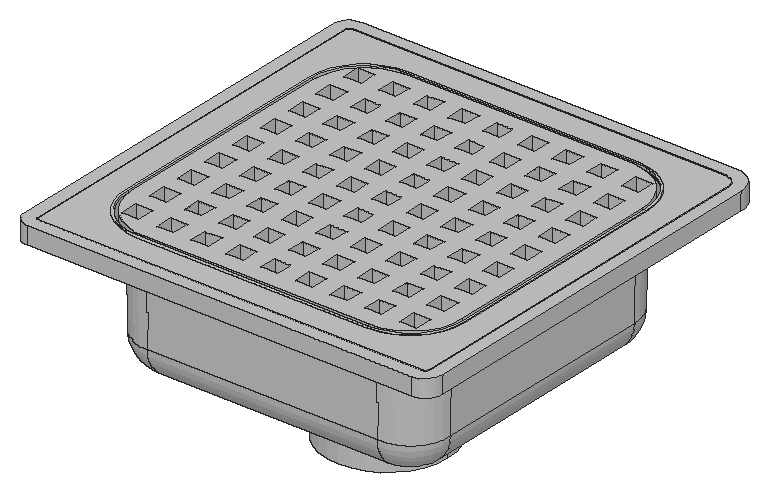
Revit family "Receptor_Sani-Flor_12_In_Square_4_In_Sump-Zurn-Z1749", category Plumbing Fixtures, Revit 2022
Family settings
  Round Connector Dimension = Use Radius
  Part Type = Normal
  OmniClass Number = 23.45.05.14.14
  OmniClass Title = Sinks/Lavatories
  Work Plane-Based = No
  Always vertical = Yes
  Cut with Voids When Loaded = No
  Maintain Annotation Orientation = No
  Shared = No
  Room Calculation Point = No
Parameters (values of type "Load Family Type Catalog")
  Waste Connection = 1 = 1  # yes
  WFU = 1  # constant formula
  Vent Connection = 1 = 0  # no
  URL = "www.zurn.com"
  Type Comments = "Z1749 Sani-Flor Receptor 3 Inch No-Hub Outlet"
  Trap Primer = 1 = 1  # yes
  Thickness = 0.0625"
  Grate Open Area (Sq. In) = "23"
  Product data url = "https://www.bimobject.com/en-in/zurnindustries/product/zurn-z1749"
  Product Page URL = "https://www.zurn.com/products/drainage-interceptors/floor-sinks/z1749"
  Product Documentation Link = "https://files.zurn.com/spec-sheets/z1749.pdf"
  Connector Radius = [A_ Pipe Size (Nominal)] / 2  # 1.500"
  Model = "Z1749-3NH"
  Main Material = Steel - Zurn - Stainless - Type 304
  HWFU = 0  # constant formula
  HW Connection = 1 = 0  # no
  Description = "12 X 12 [305 x 305] SANI-FLOR RECEPTOR 4 [102] SUMP DEPTH"  # constant formula
  CWFU = 0  # constant formula
  CW Connection = 1 = 0  # no
  Assembly Code = "D2030300"
  A_ Pipe Size (Nominal) = 3.000"
  A_ Pipe Size (Actual-Outer) = 3.500"
  A_ Pipe Size (Actual-Inner) = 3.068"
  Modified Date = "12/29/2025"  # constant formula
  Manufacurer Brand = "Zurn"  # constant formula
  Manufacturer = "Zurn Water, LLC"  # constant formula
  E_ Body Length = 6.063"
  Default Elevation = 4.000"  # constant formula
  Date Created = "01/19/2018"  # constant formula
  Approx. Weight (Lbs) = 15.000"
Reference planes (in)
  plane 1 "Center (Front/Back)": y = 0
  plane 2 "Top Level": z = -2.0625
  plane 3 "Center (Left/Right)": x = 0
  plane 4: through (-4.38902, 4.38902, 48) normal (0.7071, 0.7071, 0)
  plane 5: through (4.7432, 4.7432, 48) normal (0.7071, -0.7071, 0)
  plane 6: x = -6
  plane 7: x = 6
  plane 8: x = -5.9375
  plane 9: x = 5.9375
  plane 10: z = -0.5
  plane 11: z = -1.0625
  plane 12: x = -1.75
  plane 13: x = 1.75
  plane 14: x = -1.534
  plane 15: x = 1.534
  plane 16: z = -3.9375
  plane 17: z = -4
  plane 18: z = -6.063
  plane 19: z = -0.0625
  plane 20: y = 0.5
  plane 21: y = 5.5
  plane 22: y = 5
  plane 23: y = 3.75
  plane 24: y = 2
  plane 25: y = 4.375
  plane 26: y = -0.5
  plane 27: y = -3.75
  plane 28: y = -4.375
  plane 29: y = -5.5
  plane 30: y = -5
  plane 31: y = -2
  plane 32: y = 1.75
  plane 33: y = -1.75
  plane 34: y = 6.125
  plane 35: y = -6.125
  plane 36: x = -4.8125
  plane 37: x = 4.8125
  plane 38: x = -4.875
  plane 39: x = 4.875
  plane 40: z = -1.125
  plane 41: x = -4.5
  plane 42: x = 4.5
Forms (in)
  Sweep 1, solid, material "Steel - Zurn - Stainless - Type 304" <- "Main Material", detail levels fine
    path origin (0, 0, 0) x (1, 0, 0) y (0, 1, 0)
      loop
        arc (-3.3125, 4.8125) -> (-4.37316, 4.37316) -> (-4.8125, 3.3125) r 1.5
        line (-4.8125, 3.3125) -> (-4.8125, -3.3125)
        arc (-4.8125, -3.3125) -> (-4.37316, -4.37316) -> (-3.3125, -4.8125) r 1.5
        line (-3.3125, -4.8125) -> (3.3125, -4.8125)
        arc (3.3125, -4.8125) -> (4.37316, -4.37316) -> (4.8125, -3.3125) r 1.5
        line (4.8125, -3.3125) -> (4.8125, 3.3125)
        arc (4.8125, 3.3125) -> (4.37316, 4.37316) -> (3.3125, 4.8125) r 1.5
        line (3.3125, 4.8125) -> (-3.3125, 4.8125)
    profile origin (-4.8125, 0, 0) x (-1, 0, 0) y (0, 0, 1)
      loop
        line (0, -1.0625) -> (-0.35107, -1.0625) -> (-0.38625, -3.07777)
        arc (-0.38625, -3.07777) -> (-0.64782, -3.68659) -> (-1.26111, -3.9375) r 0.875
        line (-1.26111, -3.9375) -> (-1.4625, -3.9375) -> (-1.4625, -4) -> (-1.26111, -4)
        arc (-1.26111, -4) -> (-0.60401, -3.73117) -> (-0.32376, -3.07886) r 0.9375
        line (-0.32376, -3.07886) -> (-0.28965, -1.125) -> (0.0625, -1.125) -> (0.0625, 0) -> (0, 0) -> (0, -1.0625)
  Revolve 2, solid, material "Steel - Zurn - Stainless - Type 304" <- "Main Material", detail levels fine
    sketch origin (0, 0, 0) x (1, 0, 0) y (0, 0, 1)
      loop
        line (-1.75, -3.9375) -> (-1.75, -6.063) -> (-1.534, -6.063) -> (-1.534, -3.9375) -> (-1.75, -3.9375)
      axis (0, -3.9375) -> (0, -6.063)
    angle from 0 to 360
  Extrusion 3, solid, material "Steel - Zurn - Stainless - Type 304" <- "Main Material", detail levels fine
    sketch origin (0, 0, 0) x (1, 0, 0) y (0, 1, 0)
      loop
        circle (0, 0) r 1.75
      loop
        arc (-3.35, -3.1625) -> (-3.29508, -3.29508) -> (-3.1625, -3.35) r 0.1875
        line (-3.1625, -3.35) -> (3.3125, -3.35)
        arc (3.3125, -3.35) -> (3.33902, -3.33902) -> (3.35, -3.3125) r 0.0375
        line (3.35, -3.3125) -> (3.35, 3.3125)
        arc (3.35, 3.3125) -> (3.33902, 3.33902) -> (3.3125, 3.35) r 0.0375
        line (3.3125, 3.35) -> (-3.3125, 3.35)
        arc (-3.3125, 3.35) -> (-3.33902, 3.33902) -> (-3.35, 3.3125) r 0.0375
        line (-3.35, 3.3125) -> (-3.35, -3.1625)
    from -4 to -3.9375
  Sweep 4, solid, material "Steel - Zurn - Stainless - Type 304" <- "Main Material", detail levels fine
    path origin (0, 0, 0) x (1, 0, 0) y (0, 1, 0)
      loop
        arc (-5.5, 6) -> (-5.85355, 5.85355) -> (-6, 5.5) r 0.5
        line (-6, 5.5) -> (-6, -5.56226)
        arc (-6, -5.56226) -> (-5.87179, -5.87179) -> (-5.56226, -6) r 0.43774
        line (-5.56226, -6) -> (5.5, -6)
        arc (5.5, -6) -> (5.85355, -5.85355) -> (6, -5.5) r 0.5
        line (6, -5.5) -> (6, 5.25)
        arc (6, 5.25) -> (5.78033, 5.78033) -> (5.25, 6) r 0.75
        line (5.25, 6) -> (-5.5, 6)
    profile origin (-6, -0.03113, 0) x (-1, 0, 0) y (0, 0, 1)
      loop
        line (-0.375, 0) -> (-0.375, -0.0625) -> (-0.0625, -0.0625) -> (-0.0625, -0.5) -> (0, -0.5) -> (0, 0) -> (-0.375, 0)
  Extrusion 5, solid, material "Steel - Zurn - Stainless - Type 304" <- "Main Material", detail levels fine
    sketch origin (0, 0, 0) x (1, 0, 0) y (0, 1, 0)
      loop
        arc (-5.5, 5.625) -> (-5.58839, 5.58839) -> (-5.625, 5.5) r 0.125
        line (-5.625, 5.5) -> (-5.625, -5.56226)
        arc (-5.625, -5.56226) -> (-5.60663, -5.60663) -> (-5.56226, -5.625) r 0.06274
        line (-5.56226, -5.625) -> (5.5, -5.625)
        arc (5.5, -5.625) -> (5.58839, -5.58839) -> (5.625, -5.5) r 0.125
        line (5.625, -5.5) -> (5.625, 5.25)
        arc (5.625, 5.25) -> (5.51517, 5.51517) -> (5.25, 5.625) r 0.375
        line (5.25, 5.625) -> (-5.5, 5.625)
      loop
        line (-3.3125, -4.8125) -> (3.3125, -4.8125)
        arc (3.3125, -4.8125) -> (4.37316, -4.37316) -> (4.8125, -3.3125) r 1.5
        line (4.8125, -3.3125) -> (4.8125, 3.3125)
        arc (4.8125, 3.3125) -> (4.37316, 4.37316) -> (3.3125, 4.8125) r 1.5
        line (3.3125, 4.8125) -> (-3.3125, 4.8125)
        arc (-3.3125, 4.8125) -> (-4.37316, 4.37316) -> (-4.8125, 3.3125) r 1.5
        line (-4.8125, 3.3125) -> (-4.8125, -3.3125)
        arc (-4.8125, -3.3125) -> (-4.37316, -4.37316) -> (-3.3125, -4.8125) r 1.5
    from -0.0625 to 0
Lines and regions (in)
  Masking region 1, detail levels fine
    outline origin (0, 0, 0) x (1, 0, 0) y (0, 1, 0)
      loop
        line (5.25, 6) -> (-5.5, 6)
        arc (-5.5, 6) -> (-5.85355, 5.85355) -> (-6, 5.5) r 0.5
        line (-6, 5.5) -> (-6, -5.56226)
        arc (-6, -5.56226) -> (-5.87179, -5.87179) -> (-5.56226, -6) r 0.43774
        line (-5.56226, -6) -> (5.5, -6)
        arc (5.5, -6) -> (5.85355, -5.85355) -> (6, -5.5) r 0.5
        line (6, -5.5) -> (6, 5.25)
        arc (6, 5.25) -> (5.78033, 5.78033) -> (5.25, 6) r 0.75
  model lines, detail levels coarse+medium
    curve 1: line (0, 0, 0) -> (0, 0, -6.063)
    curve 2: line (-1.75, 0, -6.063) -> (1.75, 0, -6.063)
    curve 3: line (0, 1.75, -6.063) -> (0, -1.75, -6.063)
    curve 4: line (5.25, 6, 0) -> (-5.5, 6, 0)
    curve 5: line (-6, 5.5, 0) -> (-6, -5.56226, 0)
    curve 6: line (-5.56226, -6, 0) -> (5.5, -6, 0)
    curve 7: line (6, -5.5, 0) -> (6, 5.25, 0)
    curve 8: arc (6, -5.5, 0) -> (5.85355, -5.85355, 0) -> (5.5, -6, 0) r 0.5
    curve 9: arc (-5.56226, -6, 0) -> (-5.87179, -5.87179, 0) -> (-6, -5.56226, 0) r 0.43774
    curve 10: arc (-6, 5.5, 0) -> (-5.85355, 5.85355, 0) -> (-5.5, 6, 0) r 0.5
    curve 11: arc (5.25, 6, 0) -> (5.78033, 5.78033, 0) -> (6, 5.25, 0) r 0.75
    curve 12: line (3.25, 4.73568, 0) -> (-3.236, 4.73568, 0)
    curve 13: line (4.75, -3.236, 0) -> (4.75, 3.23568, 0)
    curve 14: line (-3.236, -4.736, 0) -> (3.25, -4.736, 0)
    curve 15: line (-4.736, 3.23568, 0) -> (-4.736, -3.236, 0)
    curve 16: arc (-3.236, 4.73568, 0) -> (-4.29666, 4.29634, 0) -> (-4.736, 3.23568, 0) r 1.5
    curve 17: arc (-4.736, -3.236, 0) -> (-4.29666, -4.29666, 0) -> (-3.236, -4.736, 0) r 1.5
    curve 18: arc (3.25, -4.736, 0) -> (4.31066, -4.29666, 0) -> (4.75, -3.236, 0) r 1.5
    curve 19: arc (4.75, 3.23568, 0) -> (4.31066, 4.29634, 0) -> (3.25, 4.73568, 0) r 1.5
    curve 20: line (-3.155, 4.73568, 0) -> (-3.155, -4.736, 0)
    curve 21: line (-1.574, 4.73568, 0) -> (-1.574, -4.736, 0)
    curve 22: line (1.588, 4.73568, 0) -> (1.588, -4.736, 0)
    curve 23: line (3.169, 4.73568, 0) -> (3.169, -4.736, 0)
    curve 24: line (0.007, 4.73568, 0) -> (0.007, -4.736, 0)
    curve 25: line (-4.736, 3.15707, 0) -> (4.75, 3.15707, 0)
    curve 26: line (-4.736, 1.57845, 0) -> (4.75, 1.57845, 0)
    curve 27: line (-4.736, -0.00016, 0) -> (4.75, -0.00016, 0)
    curve 28: line (-4.736, -1.57877, 0) -> (4.75, -1.57877, 0)
    curve 29: line (-4.736, -3.15739, 0) -> (4.75, -3.15739, 0)
Dimensions and locks (in)
  locked: plane 3 "Center (Left/Right)" to plane 4
  locked: plane 5 to plane 4
  level to plane 2 "Top Level" = 2.0625"
  equal spacing: plane 12, plane 3 "Center (Left/Right)", plane 13
  "A_ Pipe Size (Actual-Outer)": plane 12 to plane 13
  equal spacing: plane 15, plane 3 "Center (Left/Right)", plane 14
  "A_ Pipe Size (Actual-Inner)": plane 15 to plane 14
  locked: plane 1 "Center (Front/Back)" to plane 20 at 0.5
  locked: plane 21 to plane 1 "Center (Front/Back)" at 5.5
  locked: plane 21 to plane 22 at 0.5
  locked: plane 23 to plane 24 at 1.75
  locked: plane 25 to plane 22 at 0.625
  locked: plane 31 to plane 27 at 1.75
  plane 27 to plane 28 to plane 30 to plane 29 = 0.625" locked, 0.625" locked, 0.500" locked
  locked: plane 29 to plane 1 "Center (Front/Back)" at 5.5
  locked: plane 1 "Center (Front/Back)" to plane 26 at 0.5
  locked: plane 25 to plane 23 at 0.625
  "A_ Pipe Size (Actual-Outer)": plane 32 to plane 33
  equal spacing: plane 32, plane 1 "Center (Front/Back)", plane 33
  locked: plane 34 to plane 35 at 12.25
  equal spacing: plane 34, plane 1 "Center (Front/Back)", plane 35
  "Thickness": plane 8 to plane 6
  "Thickness": plane 7 to plane 9
  locked: plane 7 to plane 6 at 12
  equal spacing: plane 7, plane 3 "Center (Left/Right)", plane 6, locked at 6 each
  locked: plane 37 to plane 36 at 9.625
  equal spacing: plane 37, plane 3 "Center (Left/Right)", plane 36, locked at 4.8125 each
  "Thickness": plane 37 to plane 39
  "Thickness": plane 36 to plane 38
  locked: level to plane 11 at 1.0625
  "Thickness": level to plane 19
  locked: level to plane 10 at 0.5
  "Thickness": plane 11 to plane 40
  locked: plane 41 to plane 36 at 0.3125
  locked: plane 37 to plane 42 at 0.3125
  "E_ Body Length": level to plane 18
  "Thickness": plane 16 to plane 17
  locked: level to plane 17 at 4
  locked: Sweep 1 sketch curve to Sweep 1 sketch curve at 9.625
  equal spacing: Sweep 1 sketch curve, plane 1 "Center (Front/Back)", Sweep 1 sketch curve
  "Thickness": Sweep 1 sketch curve to Sweep 1 sketch curve
  locked: Sweep 1 sketch curve to plane 3 "Center (Left/Right)" at 3.35
  locked: Sweep 4 sketch curve to Sweep 4 sketch curve at 12
  locked: plane 38 to Sweep 4 sketch curve at 0.75
  equal spacing: curve 15, curve 20, curve 21, curve 24, curve 22, curve 23, curve 13, locked at 1.581 each
  equal spacing: curve 12, curve 25, curve 26, curve 27, curve 28, curve 29, curve 14, locked at 1.57861 each
  equal spacing: Sweep 4 sketch curve, plane 1 "Center (Front/Back)", Sweep 4 sketch curve, locked at 6 each
  locked: Sweep 1 sketch curve to plane 38 at 0.35215
  radius of Sweep 1 sketch curve = 0.875"
  radius of Sweep 1 sketch curve = 0.9375"
  radius of Sweep 4 sketch curve = 0.43774"
  locked: plane 16 to Sweep 1 sketch curve (angle 91.00°)
  aligned and locked: plane 12 to curve 2
  aligned and locked: plane 13 to curve 2
  aligned and locked: curve 2 to plane 18
  aligned and locked: level to curve 1
  aligned and locked: plane 18 to curve 1
  aligned and locked: curve 1 to plane 3 "Center (Left/Right)"
  aligned and locked: curve 3 to plane 32
  aligned and locked: plane 33 to curve 3
  aligned and locked: curve 3 to plane 18
  aligned and locked: plane 37 to Sweep 1 sketch curve
  aligned and locked: Sweep 1 sketch curve to plane 40
  aligned and locked: Sweep 1 sketch curve to plane 11
  aligned and locked: profile plane to Sweep 1 sketch curve
  aligned and locked: plane 36 to Sweep 1 sketch curve  (x2)
  aligned and locked: Sweep 1 sketch curve to plane 38
  aligned and locked: plane 17 to Sweep 1 sketch curve
  aligned and locked: Sweep 1 sketch curve to plane 16
  aligned and locked: plane 18 to Revolve 2 sketch curve
  aligned and locked: Revolve 2 sketch curve to plane 16
  aligned and locked: Revolve 2 sketch curve to plane 14
  aligned and locked: Revolve 2 sketch curve to plane 12
  aligned and locked: plane 16 to Revolve 2 sketch curve
  aligned and locked: Revolve 2 sketch curve to plane 3 "Center (Left/Right)"
  aligned and locked: Extrusion 3 sketch curve to Revolve 2
  aligned and locked: Sweep 1 to Extrusion 3 sketch curve
  aligned and locked: Extrusion 3 sketch curve to Sweep 1  (x3)
  aligned and locked: Extrusion 3 to plane 17
  aligned and locked: plane 16 to Extrusion 3
  aligned and locked: Sweep 4 sketch curve to plane 7
  aligned and locked: Sweep 4 sketch curve to plane 19
  aligned and locked: profile plane to Sweep 4 sketch curve
  aligned and locked: Sweep 4 sketch curve to plane 6
  aligned and locked: Sweep 4 sketch curve to plane 10
  aligned and locked: plane 8 to Sweep 4 sketch curve
  aligned and locked: plane 6 to Sweep 4 sketch curve
  aligned and locked: Extrusion 5 sketch curve to Sweep 4  (x4)
  aligned and locked: Extrusion 5 sketch curve to Sweep 1  (x3)
  aligned and locked: Extrusion 5 to plane 19
  aligned and locked: level to Extrusion 5
  aligned and locked: curve 8 to Sweep 4
  aligned and locked: curve 9 to Sweep 4
  aligned and locked: curve 10 to Sweep 4
  aligned and locked: curve 11 to Sweep 4
  aligned and locked: Masking region 1 sketch curve to Sweep 4  (x4)
  aligned and locked: plane 3 "Center (Left/Right)" to nested 1
  aligned and locked: plane 1 "Center (Front/Back)" to nested 1
  aligned and locked: level to nested 1
Automatic sketch dimensions
  Sweep 1 sketch curve to plane 41 = 1.1875"
  Sweep 1 sketch curve to plane 23 = 0.4375"
  Sweep 1 sketch curve to plane 42 = 1.1875"  (x2)
  Revolve 2 sketch curve to plane 18 = 0.000"
  plane 1 "Center (Front/Back)" to Extrusion 3 sketch curve = 0.000"  (x2)
  Extrusion 3 sketch curve to Extrusion 3 sketch curve = 0.1875"
  Sweep 4 sketch curve to plane 21 = 0.000"
  Sweep 4 sketch curve to plane 21 = 0.250"
  Sweep 4 sketch curve to plane 9 = 0.4375"
  plane 27 to Extrusion 5 sketch curve = 0.4375"
Nested families (in)
  nested 1: "Z1749-Grate" at (0, 0, 0), type "Z1749-Grate", detail levels fine
Connectors (in)
  piping at (0, 0, -6.063), diameter 3, driven by "Connector Radius", driven by "Waste Connection"
    settings: on Revolve 2, index 1, connector inside diameter 24", connector length 0.000", flow factor 0, pipe flow 0 GPM, pressure drop 0.00 psi, fitting loss kfactor 0, connector angle 0.00°, fixture units 0, engagement length 0.000", angle of deflection 0.00°, flow configuration 0, flow direction 2, fitting loss method 0, system type 16, joint type 0, gender type 0, connector reference index -1, connector utility 1, adjustable connector no, is connector primary yes, connector description "Sanitary Outlet"
Definition of nested family "Z1749-Grate"
  Parameters (values of type "Z1749-Grate")
    Width = 12.000"
    Waste Connection = 1 = 1  # yes
    WFU = 0  # constant formula
    Vent Connection = 1 = 0  # no
    URL = "www.zurn.com"
    Type Comments = "Z1752 Sani-Flor Receptor - 2 Inch No-Hub Outlet"
    Sink Sump Depth = 10.000"
    Product data url = "https://www.bimobject.com/en/zurnindustries/product/zurn-z1752"
    Product Page URL = "https://www.zurn.com/products/drainage-interceptors/floor-sinks/z1752"
    Product Documentation Link = "https://files.zurn.com/spec-sheets/z1752.pdf"
    Outlet Inner Radius = [Actual Pipe Size Outer Diameter (A)] / 2  # 1.1875"
    Outlet Connection = [Nominal Pipe Size (A)] / 2  # 1.000"
    Nominal Pipe Size (A) = 2.000"
    Model = "Z1752"  # constant formula
    Main Material = none
    HWFU = 0  # constant formula
    HW Connection = 1 = 0  # no
    Description = "12 X 12 [305 X 305] SANI-FLOR RECEPTOR 10 [254] SUMP DEPTH"  # constant formula
    CWFU = 0  # constant formula
    CW Connection = 1 = 0  # no
    Body Height (E) = 12.063"
    Assembly Code = "D2030300"
    Actual Pipe Size Outer Diameter (A) = 2.375"
    Modified Date = "09/23/25"  # constant formula
    Manufacurer Brand = "Zurn"  # constant formula
    Manufacturer = "Zurn Water, LLC"  # constant formula
    Default Elevation = 2.000"  # constant formula
    Date Created = "07/03/18"  # constant formula
    Approx. Weight (Lbs) = 22.000"
  Reference planes (in)
    plane 1 "Center (Front/Back)": y = 0
    plane 2: z = 0
    plane 3 "Center (Left/Right)": x = 0
    plane 4: x = -4.75
    plane 5: x = 4.75
    plane 6: y = 6
    plane 7: y = -6
    plane 8: x = -6
    plane 9: x = 6
    plane 10: z = -12.063
    plane 11: x = -4.28125
    plane 12: x = 4.28125
    plane 13: z = -0.063
    plane 14: x = 4.53125
    plane 15: z = -10
    plane 16: z = -5.688
    plane 17: z = -5.968
    plane 18: z = -5.593
    plane 19: z = -2.75
    plane 20: z = -2.7
    plane 21: y = 4.73568
    plane 22: y = -4.736
    plane 23: x = 4.38654
    plane 24: y = 4.86068
    plane 25: x = 4.736
    plane 26: x = -4.736
    plane 27: x = -3.236
    plane 28: x = 3.25
    plane 29: y = -3.236
    plane 30: y = 3.23568
    plane 31: y = 3.29634
    plane 32: y = 2.79634
    plane 33: y = 2.29634
    plane 34: y = 1.79634
    plane 35: x = -3.78125
    plane 36: y = 0.29634
    plane 37: y = -0.20366
    plane 38: y = -0.70366
    plane 39: y = -1.20366
    plane 40: x = -3.78125
    plane 41: y = -2.70366
    plane 42: y = -3.20366
    plane 43: y = -3.70366
    plane 44: y = -4.20366
    plane 45: x = -3.78125
    plane 46 "Plane for Outlets": z = -9.999
    plane 47: y = 3.29634
    plane 48: y = 2.79634
    plane 49: y = 2.29634
    plane 50: y = 1.79634
    plane 51: x = -3.78125
    plane 52: y = 3.29634
    plane 53: y = 2.79634
    plane 54: y = 2.29634
    plane 55: y = 1.79634
    plane 56: x = -2.78125
    plane 57: y = 0.29634
    plane 58: y = -0.20366
    plane 59: y = -0.70366
    plane 60: y = -1.20366
    plane 61: x = -2.78125
    plane 62: y = -2.70366
    plane 63: y = -3.20366
    plane 64: y = -3.70366
    plane 65: y = -4.20366
    plane 66: x = -2.78125
    plane 67: y = 3.29634
    plane 68: y = 2.79634
    plane 69: y = 2.29634
    plane 70: y = 1.79634
    plane 71: x = -1.78125
    plane 72: y = 0.29634
    plane 73: y = -0.20366
    plane 74: y = -0.70366
    plane 75: y = -1.20366
    plane 76: x = -1.78125
    plane 77: y = -2.70366
    plane 78: y = -3.20366
    plane 79: y = -3.70366
    plane 80: y = -4.20366
    plane 81: x = -1.78125
    plane 82: y = 3.29634
    plane 83: y = 2.79634
    plane 84: y = 2.29634
    plane 85: y = 1.79634
    plane 86: x = -0.78125
    plane 87: y = 0.29634
    plane 88: y = -0.20366
    plane 89: y = -0.70366
    plane 90: y = -1.20366
    plane 91: x = -0.78125
    plane 92: y = -2.70366
    plane 93: y = -3.20366
    plane 94: y = -3.70366
    plane 95: y = -4.20366
    plane 96: x = -0.78125
    plane 97: y = 3.29634
    plane 98: y = 2.79634
    plane 99: y = 2.29634
    plane 100: y = 1.79634
    plane 101: x = 0.21875
    plane 102: y = 0.29634
    plane 103: y = -0.20366
    plane 104: y = -0.70366
    plane 105: y = -1.20366
    plane 106: x = 0.21875
    plane 107: y = -2.70366
    plane 108: y = -3.20366
    plane 109: y = -3.70366
    plane 110: y = -4.20366
    plane 111: x = 0.21875
    plane 112: y = 3.29634
    plane 113: y = 2.79634
    plane 114: y = 2.29634
    plane 115: y = 1.79634
    plane 116: x = 1.21875
    plane 117: y = 0.29634
    plane 118: y = -0.20366
    plane 119: y = -0.70366
    plane 120: y = -1.20366
    plane 121: x = 1.21875
    plane 122: y = -2.70366
    plane 123: y = -3.20366
    plane 124: y = -3.70366
    plane 125: y = -4.20366
    plane 126: x = 1.21875
    plane 127: y = 3.29634
    plane 128: y = 2.79634
    plane 129: y = 2.29634
    plane 130: y = 1.79634
    plane 131: x = 2.21875
    plane 132: y = 0.29634
    plane 133: y = -0.20366
    plane 134: y = -0.70366
    plane 135: y = -1.20366
    plane 136: x = 2.21875
    plane 137: y = -2.70366
    plane 138: y = -3.20366
    plane 139: y = -3.70366
    plane 140: y = -4.20366
    plane 141: x = 2.21875
    plane 142: y = 3.29634
    plane 143: y = 2.79634
    plane 144: y = 2.29634
    plane 145: y = 1.79634
    plane 146: x = 3.21875
    plane 147: y = 0.29634
    plane 148: y = -0.20366
    plane 149: y = -0.70366
    plane 150: y = -1.20366
    plane 151: x = 3.21875
    plane 152: y = -2.70366
    plane 153: y = -3.20366
    plane 154: y = -3.70366
    plane 155: y = -4.20366
    plane 156: x = 3.21875
    plane 157: y = 3.29634
    plane 158: y = 2.79634
    plane 159: y = 2.29634
    plane 160: y = 1.79634
    plane 161: x = 4.21875
    plane 162: y = 0.29634
    plane 163: y = -0.20366
    plane 164: y = -0.70366
    plane 165: y = -1.20366
    plane 166: x = 4.21875
    plane 167: y = -2.70366
    plane 168: y = -3.20366
    plane 169: y = -3.70366
    plane 170: y = -4.20366
    plane 171: x = 4.21875
    plane 172: x = -4.03125
    plane 173: x = -3.03125
    plane 174: x = -2.03125
    plane 175: x = -1.03125
    plane 176: x = 0.96875
    plane 177: x = 1.96073
    plane 178: x = 2.96875
    plane 179: x = 3.96875
    plane 180: y = 4.04634
    plane 181: y = 3.04634
    plane 182: y = 2.04634
    plane 183: y = 1.04634
    plane 184: y = 0.04634
    plane 185: y = -0.95366
    plane 186: y = -1.95366
    plane 187: y = -2.95366
    plane 188: y = -3.95366
    plane 189: y = 1.00283
    plane 190: y = -1.00112
    plane 191: x = 1.1875
    plane 192: x = -1.1875
    plane 193: y = 1.1875
    plane 194: y = -1.1875
  Forms (in)
    Extrusion 1, solid, material <- "Main Material"
      sketch origin (0, 0, 0) x (1, 0, 0) y (0, 1, 0)
        loop
          line (3.25, 4.73568) -> (-3.236, 4.73568)
          arc (-3.236, 4.73568) -> (-4.29666, 4.29634) -> (-4.736, 3.23568) r 1.5
          line (-4.736, 3.23568) -> (-4.736, -3.236)
          arc (-4.736, -3.236) -> (-4.29666, -4.29666) -> (-3.236, -4.736) r 1.5
          line (-3.236, -4.736) -> (3.25, -4.736)
          arc (3.25, -4.736) -> (4.31066, -4.29666) -> (4.75, -3.236) r 1.5
          line (4.75, -3.236) -> (4.75, 3.23568)
          arc (4.75, 3.23568) -> (4.31066, 4.29634) -> (3.25, 4.73568) r 1.5
      from 0 to -1.062
    Extrusion 2, void
      sketch origin (0, 0, 0) x (1, 0, 0) y (0, 1, 0)
        loop
          line (-4.28125, 4.29634) -> (-4.28125, 3.79634) -> (-3.78125, 3.79634) -> (-3.78125, 4.29634) -> (-4.28125, 4.29634)
        loop
          line (-4.28125, 3.29634) -> (-4.28125, 2.79634) -> (-3.78125, 2.79634) -> (-3.78125, 3.29634) -> (-4.28125, 3.29634)
        loop
          line (-4.28125, 2.29634) -> (-4.28125, 1.79634) -> (-3.78125, 1.79634) -> (-3.78125, 2.29634) -> (-4.28125, 2.29634)
      from 0 to -1.062
    Extrusion 3, void
      sketch origin (0, -3, 0) x (1, 0, 0) y (0, 1, 0)
        loop
          line (-4.28125, 4.29634) -> (-4.28125, 3.79634) -> (-3.78125, 3.79634) -> (-3.78125, 4.29634) -> (-4.28125, 4.29634)
        loop
          line (-4.28125, 3.29634) -> (-4.28125, 2.79634) -> (-3.78125, 2.79634) -> (-3.78125, 3.29634) -> (-4.28125, 3.29634)
        loop
          line (-4.28125, 2.29634) -> (-4.28125, 1.79634) -> (-3.78125, 1.79634) -> (-3.78125, 2.29634) -> (-4.28125, 2.29634)
      from 0 to -1.062
    Extrusion 4, void
      sketch origin (0, -6, 0) x (1, 0, 0) y (0, 1, 0)
        loop
          line (-4.28125, 4.29634) -> (-4.28125, 3.79634) -> (-3.78125, 3.79634) -> (-3.78125, 4.29634) -> (-4.28125, 4.29634)
        loop
          line (-4.28125, 3.29634) -> (-4.28125, 2.79634) -> (-3.78125, 2.79634) -> (-3.78125, 3.29634) -> (-4.28125, 3.29634)
        loop
          line (-4.28125, 2.29634) -> (-4.28125, 1.79634) -> (-3.78125, 1.79634) -> (-3.78125, 2.29634) -> (-4.28125, 2.29634)
      from 0 to -1.062
    Extrusion 5, void, not visible
      sketch origin (0, 0, 0) x (1, 0, 0) y (0, 1, 0)
        loop
          line (-4.28125, 4.29634) -> (-4.28125, 3.79634) -> (-3.78125, 3.79634) -> (-3.78125, 4.29634) -> (-4.28125, 4.29634)
        loop
          line (-4.28125, 3.29634) -> (-4.28125, 2.79634) -> (-3.78125, 2.79634) -> (-3.78125, 3.29634) -> (-4.28125, 3.29634)
        loop
          line (-4.28125, 2.29634) -> (-4.28125, 1.79634) -> (-3.78125, 1.79634) -> (-3.78125, 2.29634) -> (-4.28125, 2.29634)
      from 0 to -1.062
    Extrusion 6, void
      sketch origin (1, 0, 0) x (1, 0, 0) y (0, 1, 0)
        loop
          line (-4.28125, 4.29634) -> (-4.28125, 3.79634) -> (-3.78125, 3.79634) -> (-3.78125, 4.29634) -> (-4.28125, 4.29634)
        loop
          line (-4.28125, 3.29634) -> (-4.28125, 2.79634) -> (-3.78125, 2.79634) -> (-3.78125, 3.29634) -> (-4.28125, 3.29634)
        loop
          line (-4.28125, 2.29634) -> (-4.28125, 1.79634) -> (-3.78125, 1.79634) -> (-3.78125, 2.29634) -> (-4.28125, 2.29634)
      from 0 to -1.062
    Extrusion 7, void
      sketch origin (1, -3, 0) x (1, 0, 0) y (0, 1, 0)
        loop
          line (-4.28125, 4.29634) -> (-4.28125, 3.79634) -> (-3.78125, 3.79634) -> (-3.78125, 4.29634) -> (-4.28125, 4.29634)
        loop
          line (-4.28125, 3.29634) -> (-4.28125, 2.79634) -> (-3.78125, 2.79634) -> (-3.78125, 3.29634) -> (-4.28125, 3.29634)
        loop
          line (-4.28125, 2.29634) -> (-4.28125, 1.79634) -> (-3.78125, 1.79634) -> (-3.78125, 2.29634) -> (-4.28125, 2.29634)
      from 0 to -1.062
    Extrusion 8, void
      sketch origin (1, -6, 0) x (1, 0, 0) y (0, 1, 0)
        loop
          line (-4.28125, 4.29634) -> (-4.28125, 3.79634) -> (-3.78125, 3.79634) -> (-3.78125, 4.29634) -> (-4.28125, 4.29634)
        loop
          line (-4.28125, 3.29634) -> (-4.28125, 2.79634) -> (-3.78125, 2.79634) -> (-3.78125, 3.29634) -> (-4.28125, 3.29634)
        loop
          line (-4.28125, 2.29634) -> (-4.28125, 1.79634) -> (-3.78125, 1.79634) -> (-3.78125, 2.29634) -> (-4.28125, 2.29634)
      from 0 to -1.062
    Extrusion 9, void
      sketch origin (2, 0, 0) x (1, 0, 0) y (0, 1, 0)
        loop
          line (-4.28125, 4.29634) -> (-4.28125, 3.79634) -> (-3.78125, 3.79634) -> (-3.78125, 4.29634) -> (-4.28125, 4.29634)
        loop
          line (-4.28125, 3.29634) -> (-4.28125, 2.79634) -> (-3.78125, 2.79634) -> (-3.78125, 3.29634) -> (-4.28125, 3.29634)
        loop
          line (-4.28125, 2.29634) -> (-4.28125, 1.79634) -> (-3.78125, 1.79634) -> (-3.78125, 2.29634) -> (-4.28125, 2.29634)
      from 0 to -1.062
    Extrusion 10, void
      sketch origin (2, -3, 0) x (1, 0, 0) y (0, 1, 0)
        loop
          line (-4.28125, 4.29634) -> (-4.28125, 3.79634) -> (-3.78125, 3.79634) -> (-3.78125, 4.29634) -> (-4.28125, 4.29634)
        loop
          line (-4.28125, 3.29634) -> (-4.28125, 2.79634) -> (-3.78125, 2.79634) -> (-3.78125, 3.29634) -> (-4.28125, 3.29634)
        loop
          line (-4.28125, 2.29634) -> (-4.28125, 1.79634) -> (-3.78125, 1.79634) -> (-3.78125, 2.29634) -> (-4.28125, 2.29634)
      from 0 to -1.062
    Extrusion 11, void
      sketch origin (2, -6, 0) x (1, 0, 0) y (0, 1, 0)
        loop
          line (-4.28125, 4.29634) -> (-4.28125, 3.79634) -> (-3.78125, 3.79634) -> (-3.78125, 4.29634) -> (-4.28125, 4.29634)
        loop
          line (-4.28125, 3.29634) -> (-4.28125, 2.79634) -> (-3.78125, 2.79634) -> (-3.78125, 3.29634) -> (-4.28125, 3.29634)
        loop
          line (-4.28125, 2.29634) -> (-4.28125, 1.79634) -> (-3.78125, 1.79634) -> (-3.78125, 2.29634) -> (-4.28125, 2.29634)
      from 0 to -1.062
    Extrusion 12, void
      sketch origin (3, 0, 0) x (1, 0, 0) y (0, 1, 0)
        loop
          line (-4.28125, 4.29634) -> (-4.28125, 3.79634) -> (-3.78125, 3.79634) -> (-3.78125, 4.29634) -> (-4.28125, 4.29634)
        loop
          line (-4.28125, 3.29634) -> (-4.28125, 2.79634) -> (-3.78125, 2.79634) -> (-3.78125, 3.29634) -> (-4.28125, 3.29634)
        loop
          line (-4.28125, 2.29634) -> (-4.28125, 1.79634) -> (-3.78125, 1.79634) -> (-3.78125, 2.29634) -> (-4.28125, 2.29634)
      from 0 to -1.062
    Extrusion 13, void
      sketch origin (3, -3, 0) x (1, 0, 0) y (0, 1, 0)
        loop
          line (-4.28125, 4.29634) -> (-4.28125, 3.79634) -> (-3.78125, 3.79634) -> (-3.78125, 4.29634) -> (-4.28125, 4.29634)
        loop
          line (-4.28125, 3.29634) -> (-4.28125, 2.79634) -> (-3.78125, 2.79634) -> (-3.78125, 3.29634) -> (-4.28125, 3.29634)
        loop
          line (-4.28125, 2.29634) -> (-4.28125, 1.79634) -> (-3.78125, 1.79634) -> (-3.78125, 2.29634) -> (-4.28125, 2.29634)
      from 0 to -1.062
    Extrusion 14, void
      sketch origin (3, -6, 0) x (1, 0, 0) y (0, 1, 0)
        loop
          line (-4.28125, 4.29634) -> (-4.28125, 3.79634) -> (-3.78125, 3.79634) -> (-3.78125, 4.29634) -> (-4.28125, 4.29634)
        loop
          line (-4.28125, 3.29634) -> (-4.28125, 2.79634) -> (-3.78125, 2.79634) -> (-3.78125, 3.29634) -> (-4.28125, 3.29634)
        loop
          line (-4.28125, 2.29634) -> (-4.28125, 1.79634) -> (-3.78125, 1.79634) -> (-3.78125, 2.29634) -> (-4.28125, 2.29634)
      from 0 to -1.062
    Extrusion 15, void
      sketch origin (4, 0, 0) x (1, 0, 0) y (0, 1, 0)
        loop
          line (-4.28125, 4.29634) -> (-4.28125, 3.79634) -> (-3.78125, 3.79634) -> (-3.78125, 4.29634) -> (-4.28125, 4.29634)
        loop
          line (-4.28125, 3.29634) -> (-4.28125, 2.79634) -> (-3.78125, 2.79634) -> (-3.78125, 3.29634) -> (-4.28125, 3.29634)
        loop
          line (-4.28125, 2.29634) -> (-4.28125, 1.79634) -> (-3.78125, 1.79634) -> (-3.78125, 2.29634) -> (-4.28125, 2.29634)
      from 0 to -1.062
    Extrusion 16, void
      sketch origin (4, -3, 0) x (1, 0, 0) y (0, 1, 0)
        loop
          line (-4.28125, 4.29634) -> (-4.28125, 3.79634) -> (-3.78125, 3.79634) -> (-3.78125, 4.29634) -> (-4.28125, 4.29634)
        loop
          line (-4.28125, 3.29634) -> (-4.28125, 2.79634) -> (-3.78125, 2.79634) -> (-3.78125, 3.29634) -> (-4.28125, 3.29634)
        loop
          line (-4.28125, 2.29634) -> (-4.28125, 1.79634) -> (-3.78125, 1.79634) -> (-3.78125, 2.29634) -> (-4.28125, 2.29634)
      from 0 to -1.062
    Extrusion 17, void
      sketch origin (4, -6, 0) x (1, 0, 0) y (0, 1, 0)
        loop
          line (-4.28125, 4.29634) -> (-4.28125, 3.79634) -> (-3.78125, 3.79634) -> (-3.78125, 4.29634) -> (-4.28125, 4.29634)
        loop
          line (-4.28125, 3.29634) -> (-4.28125, 2.79634) -> (-3.78125, 2.79634) -> (-3.78125, 3.29634) -> (-4.28125, 3.29634)
        loop
          line (-4.28125, 2.29634) -> (-4.28125, 1.79634) -> (-3.78125, 1.79634) -> (-3.78125, 2.29634) -> (-4.28125, 2.29634)
      from 0 to -1.062
    Extrusion 18, void
      sketch origin (5, 0, 0) x (1, 0, 0) y (0, 1, 0)
        loop
          line (-4.28125, 4.29634) -> (-4.28125, 3.79634) -> (-3.78125, 3.79634) -> (-3.78125, 4.29634) -> (-4.28125, 4.29634)
        loop
          line (-4.28125, 3.29634) -> (-4.28125, 2.79634) -> (-3.78125, 2.79634) -> (-3.78125, 3.29634) -> (-4.28125, 3.29634)
        loop
          line (-4.28125, 2.29634) -> (-4.28125, 1.79634) -> (-3.78125, 1.79634) -> (-3.78125, 2.29634) -> (-4.28125, 2.29634)
      from 0 to -1.062
    Extrusion 19, void
      sketch origin (5, -3, 0) x (1, 0, 0) y (0, 1, 0)
        loop
          line (-4.28125, 4.29634) -> (-4.28125, 3.79634) -> (-3.78125, 3.79634) -> (-3.78125, 4.29634) -> (-4.28125, 4.29634)
        loop
          line (-4.28125, 3.29634) -> (-4.28125, 2.79634) -> (-3.78125, 2.79634) -> (-3.78125, 3.29634) -> (-4.28125, 3.29634)
        loop
          line (-4.28125, 2.29634) -> (-4.28125, 1.79634) -> (-3.78125, 1.79634) -> (-3.78125, 2.29634) -> (-4.28125, 2.29634)
      from 0 to -1.062
    Extrusion 20, void
      sketch origin (5, -6, 0) x (1, 0, 0) y (0, 1, 0)
        loop
          line (-4.28125, 4.29634) -> (-4.28125, 3.79634) -> (-3.78125, 3.79634) -> (-3.78125, 4.29634) -> (-4.28125, 4.29634)
        loop
          line (-4.28125, 3.29634) -> (-4.28125, 2.79634) -> (-3.78125, 2.79634) -> (-3.78125, 3.29634) -> (-4.28125, 3.29634)
        loop
          line (-4.28125, 2.29634) -> (-4.28125, 1.79634) -> (-3.78125, 1.79634) -> (-3.78125, 2.29634) -> (-4.28125, 2.29634)
      from 0 to -1.062
    Extrusion 21, void
      sketch origin (6, 0, 0) x (1, 0, 0) y (0, 1, 0)
        loop
          line (-4.28125, 4.29634) -> (-4.28125, 3.79634) -> (-3.78125, 3.79634) -> (-3.78125, 4.29634) -> (-4.28125, 4.29634)
        loop
          line (-4.28125, 3.29634) -> (-4.28125, 2.79634) -> (-3.78125, 2.79634) -> (-3.78125, 3.29634) -> (-4.28125, 3.29634)
        loop
          line (-4.28125, 2.29634) -> (-4.28125, 1.79634) -> (-3.78125, 1.79634) -> (-3.78125, 2.29634) -> (-4.28125, 2.29634)
      from 0 to -1.062
    Extrusion 22, void
      sketch origin (6, -3, 0) x (1, 0, 0) y (0, 1, 0)
        loop
          line (-4.28125, 4.29634) -> (-4.28125, 3.79634) -> (-3.78125, 3.79634) -> (-3.78125, 4.29634) -> (-4.28125, 4.29634)
        loop
          line (-4.28125, 3.29634) -> (-4.28125, 2.79634) -> (-3.78125, 2.79634) -> (-3.78125, 3.29634) -> (-4.28125, 3.29634)
        loop
          line (-4.28125, 2.29634) -> (-4.28125, 1.79634) -> (-3.78125, 1.79634) -> (-3.78125, 2.29634) -> (-4.28125, 2.29634)
      from 0 to -1.062
    Extrusion 23, void
      sketch origin (6, -6, 0) x (1, 0, 0) y (0, 1, 0)
        loop
          line (-4.28125, 4.29634) -> (-4.28125, 3.79634) -> (-3.78125, 3.79634) -> (-3.78125, 4.29634) -> (-4.28125, 4.29634)
        loop
          line (-4.28125, 3.29634) -> (-4.28125, 2.79634) -> (-3.78125, 2.79634) -> (-3.78125, 3.29634) -> (-4.28125, 3.29634)
        loop
          line (-4.28125, 2.29634) -> (-4.28125, 1.79634) -> (-3.78125, 1.79634) -> (-3.78125, 2.29634) -> (-4.28125, 2.29634)
      from 0 to -1.062
    Extrusion 24, void
      sketch origin (7, 0, 0) x (1, 0, 0) y (0, 1, 0)
        loop
          line (-4.28125, 4.29634) -> (-4.28125, 3.79634) -> (-3.78125, 3.79634) -> (-3.78125, 4.29634) -> (-4.28125, 4.29634)
        loop
          line (-4.28125, 3.29634) -> (-4.28125, 2.79634) -> (-3.78125, 2.79634) -> (-3.78125, 3.29634) -> (-4.28125, 3.29634)
        loop
          line (-4.28125, 2.29634) -> (-4.28125, 1.79634) -> (-3.78125, 1.79634) -> (-3.78125, 2.29634) -> (-4.28125, 2.29634)
      from 0 to -1.062
    Extrusion 25, void
      sketch origin (7, -3, 0) x (1, 0, 0) y (0, 1, 0)
        loop
          line (-4.28125, 4.29634) -> (-4.28125, 3.79634) -> (-3.78125, 3.79634) -> (-3.78125, 4.29634) -> (-4.28125, 4.29634)
        loop
          line (-4.28125, 3.29634) -> (-4.28125, 2.79634) -> (-3.78125, 2.79634) -> (-3.78125, 3.29634) -> (-4.28125, 3.29634)
        loop
          line (-4.28125, 2.29634) -> (-4.28125, 1.79634) -> (-3.78125, 1.79634) -> (-3.78125, 2.29634) -> (-4.28125, 2.29634)
      from 0 to -1.062
    Extrusion 26, void
      sketch origin (7, -6, 0) x (1, 0, 0) y (0, 1, 0)
        loop
          line (-4.28125, 4.29634) -> (-4.28125, 3.79634) -> (-3.78125, 3.79634) -> (-3.78125, 4.29634) -> (-4.28125, 4.29634)
        loop
          line (-4.28125, 3.29634) -> (-4.28125, 2.79634) -> (-3.78125, 2.79634) -> (-3.78125, 3.29634) -> (-4.28125, 3.29634)
        loop
          line (-4.28125, 2.29634) -> (-4.28125, 1.79634) -> (-3.78125, 1.79634) -> (-3.78125, 2.29634) -> (-4.28125, 2.29634)
      from 0 to -1.062
    Extrusion 27, void
      sketch origin (8, 0, 0) x (1, 0, 0) y (0, 1, 0)
        loop
          line (-4.28125, 4.29634) -> (-4.28125, 3.79634) -> (-3.78125, 3.79634) -> (-3.78125, 4.29634) -> (-4.28125, 4.29634)
        loop
          line (-4.28125, 3.29634) -> (-4.28125, 2.79634) -> (-3.78125, 2.79634) -> (-3.78125, 3.29634) -> (-4.28125, 3.29634)
        loop
          line (-4.28125, 2.29634) -> (-4.28125, 1.79634) -> (-3.78125, 1.79634) -> (-3.78125, 2.29634) -> (-4.28125, 2.29634)
      from 0 to -1.062
    Extrusion 28, void
      sketch origin (8, -3, 0) x (1, 0, 0) y (0, 1, 0)
        loop
          line (-4.28125, 4.29634) -> (-4.28125, 3.79634) -> (-3.78125, 3.79634) -> (-3.78125, 4.29634) -> (-4.28125, 4.29634)
        loop
          line (-4.28125, 3.29634) -> (-4.28125, 2.79634) -> (-3.78125, 2.79634) -> (-3.78125, 3.29634) -> (-4.28125, 3.29634)
        loop
          line (-4.28125, 2.29634) -> (-4.28125, 1.79634) -> (-3.78125, 1.79634) -> (-3.78125, 2.29634) -> (-4.28125, 2.29634)
      from 0 to -1.062
    Extrusion 29, void
      sketch origin (8, -6, 0) x (1, 0, 0) y (0, 1, 0)
        loop
          line (-4.28125, 4.29634) -> (-4.28125, 3.79634) -> (-3.78125, 3.79634) -> (-3.78125, 4.29634) -> (-4.28125, 4.29634)
        loop
          line (-4.28125, 3.29634) -> (-4.28125, 2.79634) -> (-3.78125, 2.79634) -> (-3.78125, 3.29634) -> (-4.28125, 3.29634)
        loop
          line (-4.28125, 2.29634) -> (-4.28125, 1.79634) -> (-3.78125, 1.79634) -> (-3.78125, 2.29634) -> (-4.28125, 2.29634)
      from 0 to -1.062
  Cuts and joins
    Extrusion 2, Extrusion 3, Extrusion 4, Extrusion 6, Extrusion 7, Extrusion 8, Extrusion 9, Extrusion 10, Extrusion 11, Extrusion 12, Extrusion 13, Extrusion 14, Extrusion 15, Extrusion 16, Extrusion 17, Extrusion 18, Extrusion 19, Extrusion 20, Extrusion 21, Extrusion 22, Extrusion 23, Extrusion 24, Extrusion 25, Extrusion 26, Extrusion 27, Extrusion 28, Extrusion 29 cuts Extrusion 1
  Lines and regions (in)
    symbolic lines, detail levels coarse+medium
      curve 1: line (-6, 0, 0) -> (6, 0, 0)
      curve 2: line (0, 0, 0) -> (0, 0, -12.063)
      curve 3: line (-1.1875, 0, -12.063) -> (1.1875, 0, -12.063)
      curve 4: line (0, 6, 0) -> (0, -6, 0)
      curve 5: line (0, 0, 0) -> (0, 0, -12.063)
      curve 6: line (0, 1.1875, -12.063) -> (0, -1.1875, -12.063)
  Dimensions and locks (in)
    equal spacing: plane 8, plane 3 "Center (Left/Right)", plane 9, locked at 6 each
    equal spacing: plane 4, plane 3 "Center (Left/Right)", plane 5
    equal spacing: plane 6, plane 1 "Center (Front/Back)", plane 7
    plane 6 to plane 1 "Center (Front/Back)" = 6.000"
    "Width": plane 9 to plane 8
    locked: plane 5 to plane 4 at 9.5
    equal spacing: plane 12, plane 3 "Center (Left/Right)", plane 11
    plane 14 to plane 12 = 0.250"
    locked: level to plane 13 at 0.063
    plane 4 to plane 5 = 9.500"
    locked: plane 12 to plane 11 at 8.5625
    level to plane 10 = 12.063"
    plane 15 to plane 10 = 2.063"
    plane 16 to plane 10 = 6.375"
    level to plane 15 = 10.000"  (x2)
    locked: plane 18 to plane 17 at 0.375
    locked: plane 19 to plane 16 at 2.938
    plane 19 to plane 15 = 7.250"
    plane 20 to plane 19 = 0.050"
    locked: plane 6 to plane 24 at 1.13932
    plane 21 to plane 24 = 0.125"
    locked: plane 25 to plane 9 at 1.264
    locked: plane 6 to plane 21 at 1.26432
    plane 22 to plane 7 = 1.264"
    plane 8 to plane 26 = 1.264"
    equal spacing: plane 26, plane 3 "Center (Left/Right)", plane 25
    plane 26 to plane 25 = 9.472"
    "Sink Sump Depth": level to plane 15
    "Body Height (E)": level to plane 10
    locked: plane 1 "Center (Front/Back)" to cut or joined group 1 (Extrusion 1, Extrusion 2, Extrusion 3, Extrusion 4, Extrusion 6, Extrusion 7, Extrusion 8, Extrusion 9, Extrusion 10, Extrusion 11, Extrusion 12, Extrusion 13, Extrusion 14, Extrusion 15, Extrusion 16, Extrusion 17, Extrusion 18, Extrusion 19, Extrusion 20, Extrusion 21, Extrusion 22, Extrusion 23, Extrusion 24, Extrusion 25, Extrusion 26, Extrusion 27, Extrusion 28, Extrusion 29) at 4.29634
    locked: plane 1 "Center (Front/Back)" to cut or joined group 1 at 3.79634
    locked: plane 46 "Plane for Outlets" to plane 10 at 2.064
    equal spacing: plane 193, plane 1 "Center (Front/Back)", plane 194
    "Outlet Inner Radius": plane 193 to plane 1 "Center (Front/Back)"
    equal spacing: plane 191, plane 3 "Center (Left/Right)", plane 192
    "Outlet Inner Radius": plane 3 "Center (Left/Right)" to plane 192
    plane 180 to plane 182 = 2.000"
    aligned and locked: plane 2 to level
    aligned and locked: level to curve 2
    aligned and locked: level to curve 1
    aligned and locked: plane 1 "Center (Front/Back)" to curve 5
    aligned and locked: level to curve 5
    aligned and locked: level to curve 4
    aligned and locked: plane 21 to Extrusion 1 sketch curve
    aligned and locked: Extrusion 1 sketch curve to plane 22
    aligned and locked: Extrusion 1 sketch curve to plane 26
    aligned and locked: level to Extrusion 1
    aligned and locked: plane 5 to Extrusion 1 sketch curve
    aligned and locked: plane 29 to Extrusion 1 sketch curve  (x2)
    aligned and locked: plane 28 to Extrusion 1 sketch curve  (x2)
    aligned and locked: plane 27 to Extrusion 1 sketch curve  (x2)
    aligned and locked: plane 30 to Extrusion 1 sketch curve  (x2)
    aligned and locked: plane 31 to Extrusion 2 sketch curve
    aligned and locked: plane 32 to Extrusion 2 sketch curve
    aligned and locked: plane 33 to Extrusion 2 sketch curve
    aligned and locked: plane 34 to Extrusion 2 sketch curve
    aligned and locked: plane 35 to Extrusion 2 sketch curve  (x3)
    aligned and locked: plane 36 to Extrusion 3 sketch curve
    aligned and locked: plane 37 to Extrusion 3 sketch curve
    aligned and locked: plane 38 to Extrusion 3 sketch curve
    aligned and locked: plane 39 to Extrusion 3 sketch curve
    aligned and locked: plane 40 to Extrusion 3 sketch curve  (x3)
    aligned and locked: plane 41 to Extrusion 4 sketch curve
    aligned and locked: plane 42 to Extrusion 4 sketch curve
    aligned and locked: plane 43 to Extrusion 4 sketch curve
    aligned and locked: plane 44 to Extrusion 4 sketch curve
    aligned and locked: plane 45 to Extrusion 4 sketch curve  (x3)
    aligned and locked: plane 47 to Extrusion 5 sketch curve
    aligned and locked: plane 48 to Extrusion 5 sketch curve
    aligned and locked: plane 49 to Extrusion 5 sketch curve
    aligned and locked: plane 50 to Extrusion 5 sketch curve
    aligned and locked: plane 51 to Extrusion 5 sketch curve  (x3)
    aligned and locked: plane 52 to Extrusion 6 sketch curve
    aligned and locked: plane 53 to Extrusion 6 sketch curve
    aligned and locked: plane 54 to Extrusion 6 sketch curve
    aligned and locked: plane 55 to Extrusion 6 sketch curve
    aligned and locked: plane 56 to Extrusion 6 sketch curve  (x3)
    aligned and locked: plane 57 to Extrusion 7 sketch curve
    aligned and locked: plane 58 to Extrusion 7 sketch curve
    aligned and locked: plane 59 to Extrusion 7 sketch curve
    aligned and locked: plane 60 to Extrusion 7 sketch curve
    aligned and locked: plane 61 to Extrusion 7 sketch curve  (x3)
    aligned and locked: plane 62 to Extrusion 8 sketch curve
    aligned and locked: plane 63 to Extrusion 8 sketch curve
    aligned and locked: plane 64 to Extrusion 8 sketch curve
    aligned and locked: plane 65 to Extrusion 8 sketch curve
    aligned and locked: plane 66 to Extrusion 8 sketch curve  (x3)
    aligned and locked: plane 67 to Extrusion 9 sketch curve
    aligned and locked: plane 68 to Extrusion 9 sketch curve
    aligned and locked: plane 69 to Extrusion 9 sketch curve
    aligned and locked: plane 70 to Extrusion 9 sketch curve
    aligned and locked: plane 71 to Extrusion 9 sketch curve  (x3)
    aligned and locked: plane 72 to Extrusion 10 sketch curve
    aligned and locked: plane 73 to Extrusion 10 sketch curve
    aligned and locked: plane 74 to Extrusion 10 sketch curve
    aligned and locked: plane 75 to Extrusion 10 sketch curve
    aligned and locked: plane 76 to Extrusion 10 sketch curve  (x3)
    aligned and locked: plane 77 to Extrusion 11 sketch curve
    aligned and locked: plane 78 to Extrusion 11 sketch curve
    aligned and locked: plane 79 to Extrusion 11 sketch curve
    aligned and locked: plane 80 to Extrusion 11 sketch curve
    aligned and locked: plane 81 to Extrusion 11 sketch curve  (x3)
    aligned and locked: plane 82 to Extrusion 12 sketch curve
    aligned and locked: plane 83 to Extrusion 12 sketch curve
    aligned and locked: plane 84 to Extrusion 12 sketch curve
    aligned and locked: plane 85 to Extrusion 12 sketch curve
    aligned and locked: plane 86 to Extrusion 12 sketch curve  (x3)
    aligned and locked: plane 87 to Extrusion 13 sketch curve
    aligned and locked: plane 88 to Extrusion 13 sketch curve
    aligned and locked: plane 89 to Extrusion 13 sketch curve
    aligned and locked: plane 90 to Extrusion 13 sketch curve
    aligned and locked: plane 91 to Extrusion 13 sketch curve  (x3)
    aligned and locked: plane 92 to Extrusion 14 sketch curve
    aligned and locked: plane 93 to Extrusion 14 sketch curve
    aligned and locked: plane 94 to Extrusion 14 sketch curve
    aligned and locked: plane 95 to Extrusion 14 sketch curve
    aligned and locked: plane 96 to Extrusion 14 sketch curve  (x3)
    aligned and locked: plane 97 to Extrusion 15 sketch curve
    aligned and locked: plane 98 to Extrusion 15 sketch curve
    aligned and locked: plane 99 to Extrusion 15 sketch curve
    aligned and locked: plane 100 to Extrusion 15 sketch curve
    aligned and locked: plane 101 to Extrusion 15 sketch curve  (x3)
    aligned and locked: plane 102 to Extrusion 16 sketch curve
    aligned and locked: plane 103 to Extrusion 16 sketch curve
    aligned and locked: plane 104 to Extrusion 16 sketch curve
    aligned and locked: plane 105 to Extrusion 16 sketch curve
    aligned and locked: plane 106 to Extrusion 16 sketch curve  (x3)
    aligned and locked: plane 107 to Extrusion 17 sketch curve
    aligned and locked: plane 108 to Extrusion 17 sketch curve
    aligned and locked: plane 109 to Extrusion 17 sketch curve
    aligned and locked: plane 110 to Extrusion 17 sketch curve
    aligned and locked: plane 111 to Extrusion 17 sketch curve  (x3)
    aligned and locked: plane 112 to Extrusion 18 sketch curve
    aligned and locked: plane 113 to Extrusion 18 sketch curve
    aligned and locked: plane 114 to Extrusion 18 sketch curve
    aligned and locked: plane 115 to Extrusion 18 sketch curve
    aligned and locked: plane 116 to Extrusion 18 sketch curve  (x3)
    aligned and locked: plane 117 to Extrusion 19 sketch curve
    aligned and locked: plane 118 to Extrusion 19 sketch curve
    aligned and locked: plane 119 to Extrusion 19 sketch curve
    aligned and locked: plane 120 to Extrusion 19 sketch curve
    aligned and locked: plane 121 to Extrusion 19 sketch curve  (x3)
    aligned and locked: plane 122 to Extrusion 20 sketch curve
    aligned and locked: plane 123 to Extrusion 20 sketch curve
    aligned and locked: plane 124 to Extrusion 20 sketch curve
    aligned and locked: plane 125 to Extrusion 20 sketch curve
    aligned and locked: plane 126 to Extrusion 20 sketch curve  (x3)
    aligned and locked: plane 127 to Extrusion 21 sketch curve
    aligned and locked: plane 128 to Extrusion 21 sketch curve
    aligned and locked: plane 129 to Extrusion 21 sketch curve
    aligned and locked: plane 130 to Extrusion 21 sketch curve
    aligned and locked: plane 131 to Extrusion 21 sketch curve  (x3)
    aligned and locked: plane 132 to Extrusion 22 sketch curve
    aligned and locked: plane 133 to Extrusion 22 sketch curve
    aligned and locked: plane 134 to Extrusion 22 sketch curve
    aligned and locked: plane 135 to Extrusion 22 sketch curve
    aligned and locked: plane 136 to Extrusion 22 sketch curve  (x3)
    aligned and locked: plane 137 to Extrusion 23 sketch curve
    aligned and locked: plane 138 to Extrusion 23 sketch curve
    aligned and locked: plane 139 to Extrusion 23 sketch curve
    aligned and locked: plane 140 to Extrusion 23 sketch curve
    aligned and locked: plane 141 to Extrusion 23 sketch curve  (x3)
    aligned and locked: plane 142 to Extrusion 24 sketch curve
    aligned and locked: plane 143 to Extrusion 24 sketch curve
    aligned and locked: plane 144 to Extrusion 24 sketch curve
    aligned and locked: plane 145 to Extrusion 24 sketch curve
    aligned and locked: plane 146 to Extrusion 24 sketch curve  (x3)
    aligned and locked: plane 147 to Extrusion 25 sketch curve
    aligned and locked: plane 148 to Extrusion 25 sketch curve
    aligned and locked: plane 149 to Extrusion 25 sketch curve
    aligned and locked: plane 150 to Extrusion 25 sketch curve
    aligned and locked: plane 151 to Extrusion 25 sketch curve  (x3)
    aligned and locked: plane 152 to Extrusion 26 sketch curve
    aligned and locked: plane 153 to Extrusion 26 sketch curve
    aligned and locked: plane 154 to Extrusion 26 sketch curve
    aligned and locked: plane 155 to Extrusion 26 sketch curve
    aligned and locked: plane 156 to Extrusion 26 sketch curve  (x3)
    aligned and locked: plane 157 to Extrusion 27 sketch curve
    aligned and locked: plane 158 to Extrusion 27 sketch curve
    aligned and locked: plane 159 to Extrusion 27 sketch curve
    aligned and locked: plane 160 to Extrusion 27 sketch curve
    aligned and locked: plane 161 to Extrusion 27 sketch curve  (x3)
    aligned and locked: plane 162 to Extrusion 28 sketch curve
    aligned and locked: plane 163 to Extrusion 28 sketch curve
    aligned and locked: plane 164 to Extrusion 28 sketch curve
    aligned and locked: plane 165 to Extrusion 28 sketch curve
    aligned and locked: plane 166 to Extrusion 28 sketch curve  (x3)
    aligned and locked: plane 167 to Extrusion 29 sketch curve
    aligned and locked: plane 168 to Extrusion 29 sketch curve
    aligned and locked: plane 169 to Extrusion 29 sketch curve
    aligned and locked: plane 170 to Extrusion 29 sketch curve
    aligned and locked: plane 171 to Extrusion 29 sketch curve  (x3)
    aligned and locked: plane 10 to curve 6
  Automatic sketch dimensions
    Extrusion 2 sketch curve to Extrusion 2 sketch curve = 0.500"  (x2)
    plane 35 to Extrusion 2 sketch curve = 0.500"  (x2)
    Extrusion 2 sketch curve to Extrusion 2 sketch curve = 0.000"
    Extrusion 3 sketch curve to Extrusion 3 sketch curve = 0.500"  (x2)
    plane 40 to Extrusion 3 sketch curve = 0.500"  (x2)
    Extrusion 3 sketch curve to Extrusion 3 sketch curve = 0.000"
    Extrusion 4 sketch curve to Extrusion 4 sketch curve = 0.500"  (x2)
    plane 45 to Extrusion 4 sketch curve = 0.500"  (x2)
    Extrusion 4 sketch curve to Extrusion 4 sketch curve = 0.000"
    Extrusion 5 sketch curve to Extrusion 5 sketch curve = 0.500"  (x2)
    plane 51 to Extrusion 5 sketch curve = 0.500"  (x2)
    Extrusion 5 sketch curve to Extrusion 5 sketch curve = 0.000"
    Extrusion 6 sketch curve to Extrusion 6 sketch curve = 0.500"  (x2)
    plane 56 to Extrusion 6 sketch curve = 0.500"  (x2)
    Extrusion 6 sketch curve to Extrusion 6 sketch curve = 0.000"
    Extrusion 7 sketch curve to Extrusion 7 sketch curve = 0.500"  (x2)
    plane 61 to Extrusion 7 sketch curve = 0.500"  (x2)
    Extrusion 7 sketch curve to Extrusion 7 sketch curve = 0.000"
    Extrusion 8 sketch curve to Extrusion 8 sketch curve = 0.500"  (x2)
    plane 66 to Extrusion 8 sketch curve = 0.500"  (x2)
    Extrusion 8 sketch curve to Extrusion 8 sketch curve = 0.000"
    Extrusion 9 sketch curve to Extrusion 9 sketch curve = 0.500"  (x2)
    plane 71 to Extrusion 9 sketch curve = 0.500"  (x2)
    Extrusion 9 sketch curve to Extrusion 9 sketch curve = 0.000"
    Extrusion 10 sketch curve to Extrusion 10 sketch curve = 0.500"  (x2)
    plane 76 to Extrusion 10 sketch curve = 0.500"  (x2)
    Extrusion 10 sketch curve to Extrusion 10 sketch curve = 0.000"
    Extrusion 11 sketch curve to Extrusion 11 sketch curve = 0.500"  (x2)
    plane 81 to Extrusion 11 sketch curve = 0.500"  (x2)
    Extrusion 11 sketch curve to Extrusion 11 sketch curve = 0.000"
    Extrusion 12 sketch curve to Extrusion 12 sketch curve = 0.500"  (x2)
    plane 86 to Extrusion 12 sketch curve = 0.500"  (x2)
    Extrusion 12 sketch curve to Extrusion 12 sketch curve = 0.000"
    Extrusion 13 sketch curve to Extrusion 13 sketch curve = 0.500"  (x2)
    plane 91 to Extrusion 13 sketch curve = 0.500"  (x2)
    Extrusion 13 sketch curve to Extrusion 13 sketch curve = 0.000"
    Extrusion 14 sketch curve to Extrusion 14 sketch curve = 0.500"  (x2)
    plane 96 to Extrusion 14 sketch curve = 0.500"  (x2)
    Extrusion 14 sketch curve to Extrusion 14 sketch curve = 0.000"
    Extrusion 15 sketch curve to Extrusion 15 sketch curve = 0.500"  (x2)
    plane 101 to Extrusion 15 sketch curve = 0.500"  (x2)
    Extrusion 15 sketch curve to Extrusion 15 sketch curve = 0.000"
    Extrusion 16 sketch curve to Extrusion 16 sketch curve = 0.500"  (x2)
    plane 106 to Extrusion 16 sketch curve = 0.500"  (x2)
    Extrusion 16 sketch curve to Extrusion 16 sketch curve = 0.000"
    Extrusion 17 sketch curve to Extrusion 17 sketch curve = 0.500"  (x2)
    plane 111 to Extrusion 17 sketch curve = 0.500"  (x2)
    Extrusion 17 sketch curve to Extrusion 17 sketch curve = 0.000"
    Extrusion 18 sketch curve to Extrusion 18 sketch curve = 0.500"  (x2)
    plane 116 to Extrusion 18 sketch curve = 0.500"  (x2)
    Extrusion 18 sketch curve to Extrusion 18 sketch curve = 0.000"
    Extrusion 19 sketch curve to Extrusion 19 sketch curve = 0.500"  (x2)
    plane 121 to Extrusion 19 sketch curve = 0.500"  (x2)
    Extrusion 19 sketch curve to Extrusion 19 sketch curve = 0.000"
    Extrusion 20 sketch curve to Extrusion 20 sketch curve = 0.500"  (x2)
    plane 126 to Extrusion 20 sketch curve = 0.500"  (x2)
    Extrusion 20 sketch curve to Extrusion 20 sketch curve = 0.000"
    Extrusion 21 sketch curve to Extrusion 21 sketch curve = 0.500"  (x2)
    plane 131 to Extrusion 21 sketch curve = 0.500"  (x2)
    Extrusion 21 sketch curve to Extrusion 21 sketch curve = 0.000"
    Extrusion 22 sketch curve to Extrusion 22 sketch curve = 0.500"  (x2)
    plane 136 to Extrusion 22 sketch curve = 0.500"  (x2)
    Extrusion 22 sketch curve to Extrusion 22 sketch curve = 0.000"
    Extrusion 23 sketch curve to Extrusion 23 sketch curve = 0.500"  (x2)
    plane 141 to Extrusion 23 sketch curve = 0.500"  (x2)
    Extrusion 23 sketch curve to Extrusion 23 sketch curve = 0.000"
    Extrusion 24 sketch curve to Extrusion 24 sketch curve = 0.500"  (x2)
    plane 146 to Extrusion 24 sketch curve = 0.500"  (x2)
    Extrusion 24 sketch curve to Extrusion 24 sketch curve = 0.000"
    Extrusion 25 sketch curve to Extrusion 25 sketch curve = 0.500"  (x2)
    plane 151 to Extrusion 25 sketch curve = 0.500"  (x2)
    Extrusion 25 sketch curve to Extrusion 25 sketch curve = 0.000"
    Extrusion 26 sketch curve to Extrusion 26 sketch curve = 0.500"  (x2)
    plane 156 to Extrusion 26 sketch curve = 0.500"  (x2)
    Extrusion 26 sketch curve to Extrusion 26 sketch curve = 0.000"
    Extrusion 27 sketch curve to Extrusion 27 sketch curve = 0.500"  (x2)
    plane 161 to Extrusion 27 sketch curve = 0.500"  (x2)
    Extrusion 27 sketch curve to Extrusion 27 sketch curve = 0.000"
    Extrusion 28 sketch curve to Extrusion 28 sketch curve = 0.500"  (x2)
    plane 166 to Extrusion 28 sketch curve = 0.500"  (x2)
    Extrusion 28 sketch curve to Extrusion 28 sketch curve = 0.000"
    Extrusion 29 sketch curve to Extrusion 29 sketch curve = 0.500"  (x2)
    plane 171 to Extrusion 29 sketch curve = 0.500"  (x2)
    Extrusion 29 sketch curve to Extrusion 29 sketch curve = 0.000"
    curve 1 to plane 8 = 0.000"
    curve 3 to plane 10 = 0.000"
    curve 3 to plane 192 = 0.000"
    curve 3 to plane 191 = 0.000"
    curve 1 to plane 9 = 0.000"
    curve 2 to plane 3 "Center (Left/Right)" = 0.000"
    curve 4 to plane 7 = 0.000"
    curve 6 to plane 194 = 0.000"
    curve 6 to plane 193 = 0.000"
    curve 4 to plane 6 = 0.000"
Types in the file's own list only (12): name | Type Comments | Thickness | Connector Radius | Model | Main Material | A_ Pipe Size (Nominal) | A_ Pipe Size (Actual-Outer) | A_ Pipe Size (Actual-Inner) | E_ Body Length | Default Elevation | Approx. Weight (Lbs)
  Z1749-3NH | "Z1749 Sani-Flor Receptor 3 Inch No-Hub Outlet" | 0.063 " | 1.500 " | "Z1749-3NH" | Steel - Zurn - Stainless - Type 304 | 3.000 " | 3.500 " | 3.068 " | 6.063 " | 4.000 " | 15.000 "
  Z1749-2NH | "Z1749 Sani-Flor Receptor 2 Inch No-Hub Outlet" | 0.063 " | 1.000 " | "Z1749-2NH" | Steel - Zurn - Stainless - Type 304 | 2.000 " | 2.375 " | 2.067 " | 6.063 " | 4.000 " | 15.000 "
  Z1749-4NH | "Z1749 Sani-Flor Receptor 4 Inch No-Hub Outlet" | 0.063 " | 2.000 " | "Z1749-4NH" | Steel - Zurn - Stainless - Type 304 | 4.000 " | 4.500 " | 4.026 " | 6.063 " | 4.000 " | 15.000 "
  Z1749-2NL | "Z1749 Sani-Flor Receptor 2 Inch Neo-Loc Outlet" | 0.063 " | 1.000 " | "Z1749-2NL" | Steel - Zurn - Stainless - Type 304 | 2.000 " | 2.375 " | 2.067 " | 5.813 " | 4.000 " | 15.000 "
  Z1749-3NL | "Z1749 Sani-Flor Receptor 3 Inch Neo-Loc Outlet" | 0.063 " | 1.500 " | "Z1749-3NL" | Steel - Zurn - Stainless - Type 304 | 3.000 " | 3.500 " | 3.068 " | 5.813 " | 4.000 " | 15.000 "
  Z1749-4NL | "Z1749 Sani-Flor Receptor 4 Inch Neo-Loc Outlet" | 0.063 " | 2.000 " | "Z1749-4NL" | Steel - Zurn - Stainless - Type 304 | 4.000 " | 4.500 " | 4.026 " | 5.813 " | 4.000 " | 15.000 "
  ZM1749-3NH | "ZM1749 Sani-Flor Receptor 3 Inch No-Hub Outlet" | 0.063 " | 1.500 " | "ZM1749-3NH" | Steel - Zurn - Stainless - Type 316 | 3.000 " | 3.500 " | 3.068 " | 6.063 " | 4.000 " | 15.000 "
